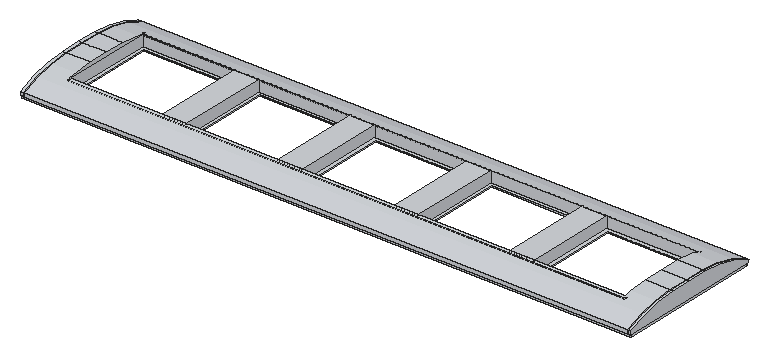
Revit family "Gira_126067", category Electrical Fixtures, host Face, Revit 2017
Family settings
  Host = Face
  Maintain Annotation Orientation = No
  Round Connector Dimension = Use Diameter
  Part Type = Normal
  Cut with Voids When Loaded = No
  Shared = No
  Room Calculation Point = No
Parameters (values of type "Abdeckrahmen 5f Zwischenr. AN Gira Event Opak Blau")
  Werkstoffgüte = "Thermoplast"
  Werkstoff = "Kunststoff"
  URL = "http://katalog.gira.de/de_DE/datenblatt.html?artikelnr=021589"
  Transparent = "No"
  Textfeld/Beschriftungsfläche = "No"
  Schutzart (IP) = "IP20"
  Region = "DE"
  Oberfläche = "sonstige"
  Name = "Abdeckrahmen 5f Zwischenr. AN Gira Event Opak Blau"
  Montagerichtung = "horizontal und vertikal"
  Mit Montagerahmen = "No"
  Mit Klappdeckel = "No"
  Manufacturer URL = "https://www.gira.de/"
  Keynote = "Event_Rahmen_5fach"
  HeinzeBIM = "https://bimportal.heinze.de/bim/abdeckrahmen-5f-zwischenr-an-gira-event-opak-blau/53e4efb8079ace004ddac51882c672fc5671ded2"
  Halogenfrei = "Yes"
  HAN = "021589"
  Geeignet für Unterputz-Installation = "Yes"
  Geeignet für Unterflurkanaldose = "No"
  Geeignet für Geräteeinbaukanal = "No"
  Geeignet für Einbauinstallation = "No"
  GTIN = "4010337215899"
  Farbe = "blau"
  Default Elevation = 1219.2 mm
  Data sheet (1) = "https://katalog.gira.de/de_DE/download.html?artikelnr=021589"
  Category = "Abdeckrahmen"
  Befestigungsart = "Klemmbefestigung"
  Available = "Yes"
  Anzahl der Einheiten vertikal = "5 "
  Anzahl der Einheiten horizontal = "5 "
  Anzahl der Einheiten = "5 "
Reference planes
  plane 1 "Center (Front/Back)": y = 0
  plane 2: z = 0
  plane 3 "Center (Left/Right)": x = 0
Forms (mm)
  Extrusion 1, solid, detail levels fine
    sketch origin (0, 0, 0.05) x (0, 1, 0) y (0, 0, 1)
      loop
        arc (12.445, 9.683) -> (6.223, 9.833) -> (0, 9.85) r 291.636
        arc (0, 9.85) -> (-6.223, 9.833) -> (-12.445, 9.683) r 291.636
        arc (-12.445, 9.683) -> (-29.14, 7.482) -> (-45, 1.823) r 79.728
        line (-45, 1.823) -> (-45, -0.05) -> (-42.086, -0.05)
        arc (-42.086, -0.05) -> (-21.385, 5.559) -> (0, 7.206) r 114.424
        arc (0, 7.206) -> (21.385, 5.559) -> (42.086, -0.05) r 114.424
        line (42.086, -0.05) -> (45, -0.05) -> (45, 1.823)
        arc (45, 1.823) -> (29.14, 7.482) -> (12.445, 9.683) r 79.728
    from -185.578 to 185.593
  Extrusion 2, void, detail levels fine
    sketch origin (0, 0, 0) x (1, 0, 0) y (0, 1, 0)
      loop
        line (170.607, 28) -> (-170.593, 28) -> (-170.593, -28) -> (170.607, -28) -> (170.607, 28)
    from 0.724 to 11
  Extrusion 3, solid, detail levels coarse
    sketch origin (0, 0, 0) x (1, 0, 0) y (0, 1, 0)
      loop
        line (-187.578, 45) -> (-187.578, -45) -> (187.593, -45) -> (187.593, 45) -> (-187.578, 45)
    from -1.5 to 9.9
  Extrusion 4, solid, detail levels medium
    sketch origin (0, 0, 0.05) x (0, 1, 0) y (0, 0, 1)
      loop
        arc (12.445, 9.683) -> (6.223, 9.833) -> (0, 9.85) r 291.636
        arc (0, 9.85) -> (-6.223, 9.833) -> (-12.445, 9.683) r 291.636
        arc (-12.445, 9.683) -> (-29.14, 7.482) -> (-45, 1.823) r 79.728
        line (-45, 1.823) -> (-45, -0.05) -> (45, -0.05) -> (45, 1.823)
        arc (45, 1.823) -> (29.14, 7.482) -> (12.445, 9.683) r 79.728
    from -187.578 to 187.593
  Extrusion 5, solid, detail levels fine
    sketch origin (-142.578, 0, -1.5) x (0, 1, 0) y (0, 0, -1)
      loop
        line (45, -3.373) -> (45, -1.5) -> (-45, -1.5) -> (-45, -3.373)
        arc (-45, -3.373) -> (-29.14, -9.032) -> (-12.445, -11.233) r 79.728
        arc (-12.445, -11.233) -> (-6.223, -11.383) -> (0, -11.4) r 291.636
        arc (0, -11.4) -> (6.223, -11.383) -> (12.445, -11.233) r 291.636
        arc (12.445, -11.233) -> (29.14, -9.032) -> (45, -3.373) r 79.728
    from 43 to 45
  Extrusion 6, solid, detail levels fine
    sketch origin (0, 0, 0) x (1, 0, 0) y (0, 1, 0)
      loop
        line (-168.493, 25.7) -> (-168.493, -25.7) -> (-116.693, -25.7) -> (-116.693, 25.7) -> (-168.493, 25.7)
      loop
        line (-45.398, -25.7) -> (-45.398, 25.7) -> (-97.198, 25.7) -> (-97.198, -25.7) -> (-45.398, -25.7)
      loop
        line (-171.487, 28.49) -> (-171.487, -28.495)
        spline (-171.487, -28.495) -> (-171.479, -28.625) -> (-171.453, -28.754) -> (-171.411, -28.878) -> (-171.353, -28.995) -> (-171.281, -29.104) -> (-171.194, -29.202) -> (-171.096, -29.288) -> (-170.987, -29.361) -> (-170.87, -29.419) -> (-170.746, -29.461) -> (-170.618, -29.486) -> (-170.487, -29.495)
        line (-170.487, -29.495) -> (170.502, -29.495)
        spline (170.502, -29.495) -> (170.633, -29.486) -> (170.761, -29.461) -> (170.885, -29.419) -> (171.002, -29.361) -> (171.111, -29.288) -> (171.209, -29.202) -> (171.296, -29.104) -> (171.368, -28.995) -> (171.426, -28.878) -> (171.468, -28.754) -> (171.494, -28.625) -> (171.502, -28.495)
        line (171.502, -28.495) -> (171.502, 28.49)
        spline (171.502, 28.49) -> (171.494, 28.62) -> (171.468, 28.748) -> (171.426, 28.872) -> (171.368, 28.99) -> (171.296, 29.098) -> (171.209, 29.197) -> (171.111, 29.283) -> (171.002, 29.356) -> (170.885, 29.413) -> (170.761, 29.456) -> (170.633, 29.481) -> (170.502, 29.49)
        line (170.502, 29.49) -> (-170.487, 29.49)
        spline (-170.487, 29.49) -> (-170.618, 29.481) -> (-170.746, 29.456) -> (-170.87, 29.413) -> (-170.987, 29.356) -> (-171.096, 29.283) -> (-171.194, 29.197) -> (-171.281, 29.098) -> (-171.353, 28.99) -> (-171.411, 28.872) -> (-171.453, 28.748) -> (-171.479, 28.62) -> (-171.487, 28.49)
      loop
        line (25.902, -25.7) -> (25.902, 25.7) -> (-25.898, 25.7) -> (-25.898, -25.7) -> (25.902, -25.7)
      loop
        line (97.207, -25.7) -> (97.207, 25.7) -> (45.407, 25.7) -> (45.407, -25.7) -> (97.207, -25.7)
      loop
        line (168.507, -25.7) -> (168.507, 25.7) -> (116.707, 25.7) -> (116.707, -25.7) -> (168.507, -25.7)
    from 0.1 to 7.3
  Extrusion 7, solid
    sketch origin (0, 0, 0) x (1, 0, 0) y (0, 1, 0)
      loop
        arc (-187.293, -44.218) -> (-187.146, -44.572) -> (-186.793, -44.718) r 0.5
        line (-186.793, -44.718) -> (186.807, -44.718)
        arc (186.807, -44.718) -> (187.161, -44.572) -> (187.307, -44.218) r 0.5
        line (187.307, -44.218) -> (187.307, 44.182)
        arc (187.307, 44.182) -> (187.161, 44.535) -> (186.807, 44.682) r 0.5
        line (186.807, 44.682) -> (-186.793, 44.682)
        arc (-186.793, 44.682) -> (-187.146, 44.535) -> (-187.293, 44.182) r 0.5
        line (-187.293, 44.182) -> (-187.293, -44.218)
      loop
        line (-185.593, 42.982) -> (-185.593, -43.018) -> (185.607, -43.018) -> (185.607, 42.982) -> (-185.593, 42.982)
    from -1.5 to 0.5
  Extrusion 8, solid, detail levels fine
    sketch origin (142.593, 0, -1.5) x (0, 1, 0) y (0, 0, 1)
      loop
        arc (45, 3.373) -> (29.14, 9.032) -> (12.445, 11.233) r 79.728
        arc (12.445, 11.233) -> (6.223, 11.383) -> (0, 11.4) r 291.636
        arc (0, 11.4) -> (-6.223, 11.383) -> (-12.445, 11.233) r 291.636
        arc (-12.445, 11.233) -> (-29.14, 9.032) -> (-45, 3.373) r 79.728
        line (-45, 3.373) -> (-45, 1.5) -> (45, 1.5) -> (45, 3.373)
    from 43 to 45
  Extrusion 9, solid, detail levels medium
    sketch origin (0, 0, 0) x (1, 0, 0) y (0, 1, 0)
      loop
        line (-187.293, -44.718) -> (187.307, -44.718) -> (187.307, 44.682) -> (-187.293, 44.682) -> (-187.293, -44.718)
    from -1.5 to 0.5
  Extrusion 10, solid, detail levels fine
    sketch origin (-105.5, 0, 0) x (1, 0, 0) y (0, 1, 0)
      loop
        line (-8.943, 28.063) -> (-8.943, -27.937) -> (6.057, -27.937) -> (6.057, 28.063) -> (-8.943, 28.063)
    from 0.724 to 7.566
  Extrusion 11, solid, detail levels fine
    sketch origin (-37.085, 0, 0) x (-1, 0, 0) y (0, -1, 0)
      loop
        line (-8.943, -28.063) -> (6.057, -28.063) -> (6.057, 27.937) -> (-8.943, 27.937) -> (-8.943, -28.063)
    from 0.724 to 7.566
  Extrusion 12, solid, detail levels fine
    sketch origin (105.5, 0, 0) x (-1, 0, 0) y (0, -1, 0)
      loop
        line (-8.943, -28.063) -> (6.057, -28.063) -> (6.057, 27.937) -> (-8.943, 27.937) -> (-8.943, -28.063)
    from 0.724 to 7.566
  Extrusion 13, solid, detail levels fine
    sketch origin (37.085, 0, 0) x (1, 0, 0) y (0, 1, 0)
      loop
        line (-8.943, 28.063) -> (-8.943, -27.937) -> (6.057, -27.937) -> (6.057, 28.063) -> (-8.943, 28.063)
    from 0.724 to 7.566
Cuts and joins
  Extrusion 2 cuts Extrusion 1
  Extrusion 2 cuts Extrusion 6
Dimensions and locks
  aligned and locked: plane 2 to host face
  aligned and locked: level to host face
